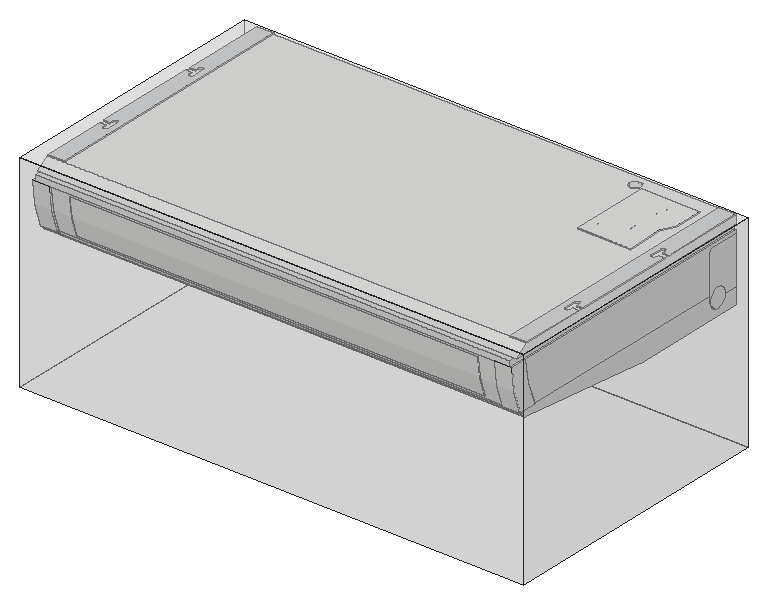
Revit family "outputfile", category 機械設備, Revit 2024
Family settings
  丸型コネクタ寸法 = 半径を使用
  パーツ タイプ = 標準
  OmniClass 番号 = 23.75.10.24.21.27.27
  OmniClass タイトル = Split System Air Conditioning Units
  作業面ベース = いいえ
  常に垂直 = はい
  ロード時にボイドで切り取り = いいえ
  注釈の向きを維持 = いいえ
  共有 = いいえ
  部屋計算ポイント = はい
Parameters (values of type "FXHQ50MAVE")
  製造元 = "Daikin"
  書き出し IFC クラス(タイプ) = "IfcUnitaryEquipmentType"
  定義済み IFC タイプ(タイプ) = "AIRCONDITIONINGUNIT"
  モデル = "FXHQ50MAVE"
  r_Liquid Pipe Size = Liquid Pipe Size / 2  # 3.2 mm
  r_Gas Pipe Size = Gas Pipe Size / 2  # 6.35 mm
  r_Drain Pipe Size = Drain Pipe Size / 2  # 13.0 mm
  lw_Air suction grille = if(Width = 960.0 mm, (960.0 mm - 40.7 mm * 2) / 2 - 2.0 mm, if(Width = 1160.0 mm, (1160.0 mm - 40.7 mm * 2) / 2 - 2.0 mm, if(Width = 1400.0 mm, (1400.0 mm - 40.7 mm * 2) / 3, (960.0 mm - 40.7 mm * 2) / 2 - 2.0 mm)))  # 537.3 mm
  l_powersupply [instance] = if(Rear Right Connection_powersupply, 30.0 mm, 145.0 mm)  # 30.0 mm
  h_mountinghole = 2.0 mm  # constant formula
  angle_vertical_powersupply [instance] = if(Rear Right Connection_powersupply, 90.00°, 180.00°)  # 90.00°
  angle_vertical_drainpipe [instance] = if(or(Left Connection_drainpipe, Right Connection_drainpipe), 90.00°, if(Top Connection_drainpipe, 180.00°, -90.00°))  # -90.00°
  angle_horizontal_powersupply [instance] = if(Rear Right Connection_powersupply, 180.00°, 0.00°)  # 180.00°
  angle_horizontal_drainpipe [instance] = if(Right Connection_drainpipe, 90.00°, if(Left Connection_drainpipe, -90.00°, 0.00°))  # 0.00°
  Voltage_comment_60Hz = "220"
  Voltage_comment_50Hz = "220-240"
  Voltage_60Hz = 220 V
  Voltage_50Hz = 220 V
  Top Connection_refrigerant [instance] = no
  Top Connection_powersupply [instance] = not(Rear Right Connection_powersupply)  # no
  Sound Power Level_H speed (dB) = 0
  Right Connection_refrigerant [instance] = no
  Rear Right Connection_refrigerant [instance] = yes
  Phase_60Hz = 1
  Phase_50Hz = 1
  Minimum Circuit Amps_60Hz = 0.9 A
  Minimum Circuit Amps_50Hz = 0.8 A
  Maximum Fuse Amps_60Hz = 16.0 A
  Maximum Fuse Amps_50Hz = 16.0 A
  Material_Casing = DAIKIN_White_Casing_indoorunit
  lw_powersupply [instance] = 220.0 mm  # constant formula
  lw_mountinghole = 20.0 mm  # constant formula
  lw_liquidpipe [instance] = if(not(Top Connection_refrigerant), 120.0 mm, 170.0 mm)  # 120.0 mm
  lw_gaspipe = 105.0 mm  # constant formula
  lw_drainpipe [instance] = if(Top Connection_drainpipe, 90.0 mm, if(or(Rear Left Connection_drainpipe, Left Connection_drainpipe), Width - 80.0 mm, 100.0 mm))  # 100.0 mm
  lh_powersupply = 145.0 mm  # constant formula
  lh_liquidpipe [instance] = if(Rear Right Connection_refrigerant, 110.0 mm, 90.0 mm)  # 110.0 mm
  lh_gaspipe [instance] = if(Rear Right Connection_refrigerant, 100.0 mm, 90.0 mm)  # 100.0 mm
  lh_drainpipe = 155.0 mm  # constant formula
  l_antena = 1.0 mm  # constant formula
  ld_powersupply = 30.0 mm  # constant formula
  ld_mountinghole_pitch = 260.0 mm  # constant formula
  ld_mountinghole = 210.0 mm  # constant formula
  ld_liquidpipe [instance] = if(Right Connection_refrigerant, 55.0 mm, if(Top Connection_refrigerant, 185.0 mm, 225.0 mm))  # 225.0 mm
  ld_gaspipe [instance] = if(Right Connection_refrigerant, 65.0 mm, if(Top Connection_refrigerant, 160.0 mm, 225.0 mm))  # 225.0 mm
  ld_drainpipe [instance] = if(or(Left Connection_drainpipe, Right Connection_drainpipe), 55.0 mm, if(Top Connection_drainpipe, 85.0 mm, 275.0 mm))  # 275.0 mm
  l_liquidpipe_length [instance] = if(Right Connection_refrigerant, 120.0 mm, if(Top Connection_refrigerant, 90.0 mm, 225.0 mm))  # 225.0 mm
  l_gaspipe_length [instance] = if(Right Connection_refrigerant, 105.0 mm, if(Top Connection_refrigerant, 90.0 mm, 225.0 mm))  # 225.0 mm
  l_drainpipe_length [instance] = if(Right Connection_drainpipe, 100.0 mm, if(Top Connection_drainpipe, 155.0 mm, if(Left Connection_drainpipe, 80.0 mm, 275.0 mm)))  # 275.0 mm
  h*** = 0.0 mm  # constant formula
  angle_vertical [instance] = if(Right Connection_refrigerant, 90.00°, if(Top Connection_refrigerant, 180.00°, -90.00°))  # -90.00°
  angle_horizontal [instance] = if(Right Connection_refrigerant, 90.00°, 0.00°)  # 0.00°
  Width = 1160.0 mm
  Version = "ver.1.0"
  Unit Type = "Ceiling Suspended"
  Unit Mass Weight = 28.00 kg
  Unit Designation [instance] = ""
  Uniclass2015Version = "Products v1.30"
  Uniclass2015Title = "Variable refrigerant flow units"
  Uniclass2015Code = "Pr_70_65_03_94"
  Total Heating Capacity [instance] = 0.000 kW
  Total Cooling Capacity [instance] = 0.000 kW
  Top Connection_drainpipe [instance] = no
  Sound Pressure Level_L speed (dBA) = 32
  Sound Pressure Level_H speed (dBA) = 37
  Series = "VRV Fan Coil Unit"
  Sensible Cooling Capacity [instance] = 0.000 kW
  Rear Right Connection_drainpipe [instance] = yes
  Rear Right Connection_powersupply [instance] = yes
  Right Connection_drainpipe [instance] = no
  Refrigerant Type = "R410A"
  Power Input (Heating) = 0.100 kW
  Power Input (Cooling) = 0.100 kW
  Option Accessory 3 [instance] = ""
  Option Accessory 2 [instance] = ""
  Option Accessory 1 [instance] = ""
  Nominal Heating Capacity = 6.300 kW
  Nominal Cooling Capacity = 5.600 kW
  Minimum Airflow = 720.00 m³/h
  Maximum Airflow = 900.00 m³/h
  Load Classification = HVAC
  Liquid Pipe Size = 6.4 mm
  Link_Nested Family [instance] = ""
  Rear Left Connection_drainpipe [instance] = no
  Left Connection_drainpipe [instance] = no
  IfcVersion = ""
  IfcExportType = "AIRCONDITIONINGUNIT"
  IfcExportAs = "IfcUnitaryEquipmentType"
  Height = 195.0 mm
  Heating Entering Wet Bulb Temperature [instance] = 0.00 °C
  Heating Entering Dry Bulb Temperature [instance] = 0.00 °C
  Heating Ambient Wet Bulb Temperature [instance] = 0.00 °C
  Heating Ambient Dry Bulb Temperature [instance] = 0.00 °C
  Heat Exchanger Type = "Cross Fin Coil"
  Gas Pipe Size = 12.7 mm
  Frequency_60Hz = 60 Hz
  Frequency_50Hz = 50 Hz
  Fan Type = "Sirocco Fan"
  Fan Drive = "Direct Drive"
  FCU Tag No. [instance] = ""
  Drain Pipe Size = 26.0 mm
  Design Supply Airflow [instance] = 0.00 m³/h
  Design Outdoor Airflow [instance] = 0.00 m³/h
  Depth = 680.0 mm
  既定の高さ = 0.0 mm
  Cooling Entering Wet Bulb Temperature [instance] = 0.00 °C
  Cooling Entering Dry Bulb Temperature [instance] = 0.00 °C
  Cooling Ambient Wet Bulb Temperature [instance] = 0.00 °C
  Cooling Ambient Dry Bulb Temperature [instance] = 0.00 °C
  Clearance visibility [instance] = yes
  Clearance Top = 5.0 mm
  Clearance Right = 30.0 mm
  Clearance Rear = 0.0 mm
  Clearance Left = 30.0 mm
  Clearance Front = 0.0 mm
  Clearance Bottom = 300.0 mm
Reference planes
  plane 1 "Back": y = 0
  plane 2: z = 0
  plane 3 "Center (Left/Right)": x = 0
  plane 4 "Center (Front/Back)": y = -340
  plane 5 "Front": y = -680
  plane 6 "Left": x = -580
  plane 7 "Right": x = 580
  plane 8 "Top": z = 0
  plane 9 "Bottom": z = -195
  plane 10: y = -680
  plane 11: x = -610
  plane 12: x = 610
  plane 13: z = 5
  plane 14: z = -495
  plane 15: y = 0
  plane 16 "lw_mountinghole": x = -560
  plane 17 "lw_mountinghole2": x = 560
  plane 18 "ld_mountinghole": y = -210
  plane 19 "ld_mountinghole2": y = -470
  plane 20 "lw_gaspipe": x = 475
  plane 21 "ld_gaspipe": y = -225
  plane 22 "lw_liquidpipe": x = 460
  plane 23 "ld_liquidpipe": y = -225
  plane 24 "ld_drainpipe": y = -275
  plane 25 "lw_drainpipe": x = 480
  plane 26 "lw_powersupply": x = 360
  plane 27 "ld_powersupply": y = -30
  plane 28: x = -2
  plane 29: x = 2
  plane 30 "40.7": x = 539.3
  plane 31: x = -539.3
  plane 32 "lh_gaspipe": z = -100
  plane 33 "lh_liquidpipe": z = -110
  plane 34 "lh_drainpipe": z = -155
  plane 35 "lh_powersupply": z = -145
Forms (mm)
  Extrusion 1, solid, material "DAIKIN_White_Casing_indoorunit" <- "Material_Casing"
    sketch origin (0, 0, 0) x (0, 1, 0) y (0, 0, 1)
      loop
        line (0, 0) -> (-633.9, 0) -> (-664.9, -20) -> (0, -20) -> (0, 0)
    from -580 to 580
  Extrusion 2, solid, material "DAIKIN_White_Casing_indoorunit" <- "Material_Casing"
    sketch origin (0, 0, 0) x (0, 1, 0) y (0, 0, 1)
      loop
        line (0, -20) -> (-678.4, -20) -> (-678.4, -33) -> (0, -33) -> (0, -20)
    from -574 to 574
  Extrusion 3, solid, material "DAIKIN_White_Casing_indoorunit" <- "Material_Casing"
    sketch origin (0, 0, 0) x (0, 1, 0) y (0, 0, 1)
      loop
        line (0, -33) -> (-638.389, -33)
        arc (-638.389, -33) -> (-629.305, -88.783) -> (-610.271, -142) r 310.829
        line (-610.271, -142) -> (0, -142) -> (0, -33)
    from -580 to 580
  Extrusion 4, solid, material "DAIKIN_White_Casing_indoorunit" <- "Material_Casing"
    sketch origin (-580, 0, 0) x (0, 1, 0) y (0, 0, 1)
      loop
        line (0, -142) -> (-651.893, -142) -> (-647.876, -149.065)
        arc (-647.876, -149.065) -> (-641.446, -155.91) -> (-632.601, -159.063) r 19.989
        line (-632.601, -159.063) -> (-300.211, -194.208)
        arc (-300.211, -194.208) -> (-292.706, -194.802) -> (-285.179, -195) r 142.962
        line (-285.179, -195) -> (0, -195) -> (0, -142)
    from 0 to 40.7
  Extrusion 5, solid, material "DAIKIN_White_Casing_indoorunit" <- "Material_Casing"
    sketch origin (580, 0, 0) x (0, 1, 0) y (0, 0, 1)
      loop
        line (-638.389, -33) -> (-680.077, -33)
        arc (-680.077, -33) -> (-672.921, -88.644) -> (-655.583, -142) r 301.599
        line (-655.583, -142) -> (-610.271, -142)
        arc (-610.271, -142) -> (-629.305, -88.783) -> (-638.389, -33) r 310.829
    from 0 to -40.7
  Extrusion 6, solid, material "DAIKIN_White_Casing_indoorunit" <- "Material_Casing"
    sketch origin (-580, 0, 0) x (0, 1, 0) y (0, 0, 1)
      loop
        line (-655.583, -142) -> (-610.271, -142)
        arc (-610.271, -142) -> (-629.305, -88.783) -> (-638.389, -33) r 310.829
        line (-638.389, -33) -> (-680.077, -33)
        arc (-680.077, -33) -> (-672.921, -88.644) -> (-655.583, -142) r 301.599
    from 0 to 40.7
  Extrusion 7, solid, material "DAIKIN_White_Grille_indoorunit"
    sketch origin (0, 0, 0) x (0, 1, 0) y (0, 0, 1)
      loop
        line (0, -190) -> (-273.138, -190) -> (-273.138, -195) -> (0, -195) -> (0, -190)
    from -2 to 2
  Extrusion 8, solid, material "DAIKIN_White_Grille_indoorunit"
    sketch origin (0, 0, 0) x (0, 1, 0) y (0, 0, 1)
      loop
        line (0, -190) -> (-273.138, -190) -> (-273.138, -195) -> (0, -195) -> (0, -190)
    from -539.3 to -2
  Extrusion 9, solid, material "DAIKIN_White_Grille_indoorunit"
    sketch origin (0, 0, 0) x (0, 1, 0) y (0, 0, 1)
      loop
        line (0, -190) -> (-273.138, -190) -> (-273.138, -195) -> (0, -195) -> (0, -190)
    from 2 to 539.3
  Extrusion 10, solid
    sketch origin (0, 0, 0) x (-1, 0, 0) y (0, -1, 0)
      loop
        line (554, 196) -> (554, 224)
        arc (554, 224) -> (560, 230) -> (566, 224) r 6
        line (566, 224) -> (566, 216) -> (580, 216) -> (580, 464) -> (566, 464) -> (566, 456)
        arc (566, 456) -> (560, 450) -> (554, 456) r 6
        line (554, 456) -> (554, 484.69)
        arc (554, 484.69) -> (560, 490.04) -> (566, 484.69) r 6.04
        line (566, 484.69) -> (566, 476) -> (580, 476) -> (580, 633.9) -> (539.3, 633.9) -> (539.3, 0) -> (580, 0) -> (580, 204) -> (566, 204) -> (566, 196)
        arc (566, 196) -> (560, 190) -> (554, 196) r 6
      loop
        arc (-554, 196) -> (-560, 190) -> (-566, 196) r 6
        line (-566, 196) -> (-566, 204) -> (-580, 204) -> (-580, 0) -> (-539.3, 0) -> (-539.3, 633.9) -> (-580, 633.9) -> (-580, 476) -> (-566, 476) -> (-566, 484.69)
        arc (-566, 484.69) -> (-560, 490.04) -> (-554, 484.69) r 6.04
        line (-554, 484.69) -> (-554, 456)
        arc (-554, 456) -> (-560, 450) -> (-566, 456) r 6
        line (-566, 456) -> (-566, 464) -> (-580, 464) -> (-580, 216) -> (-566, 216) -> (-566, 224)
        arc (-566, 224) -> (-560, 230) -> (-554, 224) r 6
        line (-554, 224) -> (-554, 196)
    from 0 to 2
  Extrusion 11, solid, material "DAIKIN_White_Casing_indoorunit" <- "Material_Casing"
    sketch origin (0, 0, 0) x (0, 1, 0) y (0, 0, 1)
      loop
        line (-651.659, -142) -> (-610.271, -142)
        arc (-610.271, -142) -> (-629.305, -88.783) -> (-638.389, -33) r 310.829
        line (-638.389, -33) -> (-676.476, -33)
        arc (-676.476, -33) -> (-669.224, -88.674) -> (-651.659, -142) r 298
    from -539.3 to 539.3
  Extrusion 12, void
    sketch origin (0, 0, 0) x (0, 1, 0) y (0, 0, 1)
      loop
        arc (-676.086, -41) -> (-669.058, -89.401) -> (-654.207, -136) r 298
        line (-654.207, -136) -> (-645.465, -136)
        arc (-645.465, -136) -> (-660.075, -89.305) -> (-667.848, -41) r 340.829
        line (-667.848, -41) -> (-676.086, -41)
    from -494.3 to 494.3
  Extrusion 13, solid, material "DAIKIN_White_Casing_indoorunit" <- "Material_Casing"
    sketch origin (0, 0, 0) x (0, 1, 0) y (0, 0, 1)
      loop
        line (-667.848, -41) -> (-676.086, -41)
        arc (-676.086, -41) -> (-669.058, -89.401) -> (-654.207, -136) r 298
        line (-654.207, -136) -> (-645.465, -136)
        arc (-645.465, -136) -> (-660.075, -89.305) -> (-667.848, -41) r 340.829
    from -494.3 to 494.3
  Extrusion 14, solid, material "DAIKIN_White_Casing_indoorunit" <- "Material_Casing"
    sketch origin (0, 0, 0) x (1, 0, 0) y (0, 0, 1)
      loop
        line (375, -60) -> (375, -125) -> (455, -175) -> (520, -175) -> (520, -60) -> (375, -60)
    from 0 to 1
  Extrusion 15, void
    sketch origin (0, 0, 0) x (1, 0, 0) y (0, 0, 1)
      loop
        circle (475, -130) r 40
    from 0 to 10
  Extrusion 16, void
    sketch origin (0, 0, 0) x (1, 0, 0) y (0, 0, 1)
      loop
        arc (-510, -135) -> (-530, -155) -> (-510, -175) r 20
        line (-510, -175) -> (-490, -175)
        arc (-490, -175) -> (-470, -155) -> (-490, -135) r 20
        line (-490, -135) -> (-510, -135)
    from 0 to 10
  Extrusion 17, solid, material "DAIKIN_White_Casing_indoorunit" <- "Material_Casing"
    sketch origin (0, 0, 0) x (-1, 0, 0) y (0, -1, 0)
      loop
        line (-380, 36) -> (-380, 228) -> (-507, 228) -> (-507, 138) -> (-522, 106) -> (-522, 36) -> (-380, 36)
    from 0 to 1.9
  Extrusion 18, solid, material "DAIKIN_White_Casing_indoorunit" <- "Material_Casing"
    sketch origin (580, 0, 0) x (0, 1, 0) y (0, 0, 1)
      loop
        arc (-75, -40) -> (-78.536, -41.464) -> (-80, -45) r 5
        line (-80, -45) -> (-80, -155) -> (0, -155) -> (0, -40) -> (-75, -40)
    from 0 to -2
  Extrusion 19, solid, material "DAIKIN_White_Casing_indoorunit" <- "Material_Casing"
    sketch origin (580, 0, 0) x (0, 1, 0) y (0, 0, 1)
      loop
        circle (-55, -155) r 22.5
    from 0 to -2
  Extrusion 20, void
    sketch origin (0, 0, 0) x (1, 0, 0) y (0, 0, 1)
      loop
        line (520, -60) -> (375, -60) -> (375, -125) -> (455, -175) -> (520, -175) -> (520, -60)
    from 0 to 1
  Extrusion 21, solid, material "DAIKIN_White_Casing_indoorunit" <- "Material_Casing"
    sketch origin (-580, 0, 0) x (0, 1, 0) y (0, 0, 1)
      loop
        circle (-55, -155) r 22.5
    from 0 to 2
  Extrusion 22, void
    sketch origin (0, 0, 0) x (-1, 0, 0) y (0, -1, 0)
      loop
        circle (-490, 85) r 30
      loop
        circle (-475, 160) r 18
      loop
        circle (-410, 185) r 13
    from 0 to -10
  Extrusion 23, solid, material "DAIKIN_White_Casing_indoorunit" <- "Material_Casing"
    sketch origin (0, 0, 0) x (0, 1, 0) y (0, 0, 1)
      loop
        line (-632.601, -159.063) -> (-300.211, -194.208)
        arc (-300.211, -194.208) -> (-292.706, -194.802) -> (-285.179, -195) r 142.962
        line (-285.179, -195) -> (-273.138, -195) -> (-273.138, -190) -> (0, -190) -> (0, -142) -> (-651.893, -142) -> (-647.876, -149.065)
        arc (-647.876, -149.065) -> (-641.446, -155.91) -> (-632.601, -159.063) r 19.989
    from -539.3 to 539.3
  Extrusion 24, solid, material "DAIKIN_White_Casing_indoorunit" <- "Material_Casing"
    sketch origin (580, 0, 0) x (0, 1, 0) y (0, 0, 1)
      loop
        line (-632.601, -159.063) -> (-300.211, -194.208)
        arc (-300.211, -194.208) -> (-292.706, -194.802) -> (-285.179, -195) r 142.962
        line (-285.179, -195) -> (0, -195) -> (0, -142) -> (-651.893, -142) -> (-647.876, -149.065)
        arc (-647.876, -149.065) -> (-641.446, -155.91) -> (-632.601, -159.063) r 19.989
    from 0 to -40.7
  Extrusion 25, void
    sketch origin (0, 0, 0) x (-1, 0, 0) y (0, -1, 0)
      loop
        circle (-360, 30) r 14.5
    from 0 to -10
  Extrusion 26, void
    sketch origin (0, 0, 0) x (1, 0, 0) y (0, 0, 1)
      loop
        circle (360, -145) r 14.5
    from 0 to 10
Cuts and joins
  Extrusion 12 cuts Extrusion 11
  Extrusion 15, Extrusion 16, Extrusion 20, Extrusion 26 cuts Extrusion 3
  Extrusion 22, Extrusion 25 cuts Extrusion 1
  Extrusion 15, Extrusion 16, Extrusion 20, Extrusion 26 cuts Extrusion 23
Dimensions and locks
  equal spacing: plane 6 "Left", plane 3 "Center (Left/Right)", plane 7 "Right"
  "Width": plane 6 "Left" to plane 7 "Right"
  "Depth": plane 5 "Front" to plane 1 "Back"
  "Height": plane 8 "Top" to plane 9 "Bottom"
  "Clearance Front": plane 10 to plane 5 "Front"
  "Clearance Left": plane 11 to plane 6 "Left"
  "Clearance Right": plane 7 "Right" to plane 12
  "Clearance Top": plane 13 to plane 8 "Top"
  "Clearance Bottom": plane 9 "Bottom" to plane 14
  "Clearance Rear": plane 1 "Back" to plane 15
  "ld_mountinghole": plane 18 "ld_mountinghole" to plane 1 "Back"
  "ld_mountinghole_pitch": plane 18 "ld_mountinghole" to plane 19 "ld_mountinghole2"
  "lw_mountinghole": plane 6 "Left" to plane 16 "lw_mountinghole"
  "lw_gaspipe": plane 20 "lw_gaspipe" to plane 7 "Right"
  "ld_gaspipe": plane 1 "Back" to plane 21 "ld_gaspipe"
  "lw_liquidpipe": plane 22 "lw_liquidpipe" to plane 7 "Right"
  "ld_liquidpipe": plane 1 "Back" to plane 23 "ld_liquidpipe"
  "lw_drainpipe": plane 25 "lw_drainpipe" to plane 7 "Right"
  "ld_drainpipe": plane 24 "ld_drainpipe" to plane 1 "Back"
  "lw_powersupply": plane 26 "lw_powersupply" to plane 7 "Right"
  "ld_powersupply": plane 1 "Back" to plane 27 "ld_powersupply"
  "lw_mountinghole": plane 17 "lw_mountinghole2" to plane 7 "Right"
  equal spacing: plane 5 "Front", plane 4 "Center (Front/Back)", plane 1 "Back"
  locked: Extrusion 1 sketch curve to Extrusion 1 sketch curve at 20
  locked: Extrusion 1 sketch curve to Extrusion 1 sketch curve at 633.9
  locked: Extrusion 1 sketch curve to Extrusion 1 sketch curve at 664.9
  locked: Extrusion 2 sketch curve to Extrusion 2 sketch curve at 13
  locked: Extrusion 2 sketch curve to Extrusion 2 sketch curve at 678.4
  locked: plane 6 "Left" to Extrusion 2 at 6
  locked: plane 7 "Right" to Extrusion 2 at 6
  locked: Extrusion 3 sketch curve to Extrusion 3 sketch curve at 610.271
  locked: Extrusion 3 sketch curve to Extrusion 3 sketch curve at 638.389
  locked: Extrusion 3 sketch curve to Extrusion 3 sketch curve at 328.329
  locked: plane 8 "Top" to Extrusion 3 sketch curve at 11.143
  locked: plane 30 "40.7" to plane 7 "Right" at 40.7
  locked: plane 6 "Left" to plane 31 at 40.7
  "lw_Air suction grille": plane 31 to plane 28
  "lw_Air suction grille": plane 29 to plane 30 "40.7"
  locked: Extrusion 10 sketch curve to Extrusion 10 sketch curve at 12  (x4)
  equal spacing: Extrusion 10 sketch curve, plane 18 "ld_mountinghole", Extrusion 10 sketch curve  (x2)
  equal spacing: Extrusion 10 sketch curve, plane 19 "ld_mountinghole2", Extrusion 10 sketch curve  (x2)
  Extrusion 10 sketch curve to plane 19 "ld_mountinghole2" to Extrusion 10 sketch curve = 14.0 mm locked, 14.0 mm locked  (x2)
  Extrusion 10 sketch curve to plane 18 "ld_mountinghole" to Extrusion 10 sketch curve = 14.0 mm locked, 14.0 mm locked  (x2)
  locked: Extrusion 10 sketch curve to Extrusion 10 sketch curve at 633.9  (x2)
  locked: plane 31 to Extrusion 12 at 45
  locked: Extrusion 12 to plane 30 "40.7" at 45
  locked: Extrusion 14 sketch curve to Extrusion 14 sketch curve at 115
  locked: Extrusion 14 sketch curve to Extrusion 14 sketch curve at 145
  locked: Extrusion 14 sketch curve to Extrusion 14 sketch curve at 65  (x2)
  locked: plane 8 "Top" to Extrusion 14 sketch curve at 60
  locked: Extrusion 14 sketch curve to plane 7 "Right" at 60
  locked: plane 7 "Right" to Extrusion 15 sketch curve at 105
  locked: plane 8 "Top" to Extrusion 15 sketch curve at 130
  locked: Extrusion 16 sketch curve to plane 6 "Left" at 70
  plane 8 "Top" to Extrusion 16 sketch curve to Extrusion 16 sketch curve = 135.0 mm locked, 40.0 mm locked
  locked: Extrusion 16 sketch curve to Extrusion 16 sketch curve at 20
  Extrusion 17 sketch curve to Extrusion 17 sketch curve to plane 7 "Right" = 142.0 mm locked, 58.0 mm locked
  Extrusion 17 sketch curve to Extrusion 17 sketch curve to plane 1 "Back" = 192.0 mm locked, 36.0 mm locked
  locked: Extrusion 17 sketch curve to Extrusion 17 sketch curve at 127
  locked: Extrusion 17 sketch curve to Extrusion 17 sketch curve at 90
  plane 8 "Top" to Extrusion 18 sketch curve to Extrusion 18 sketch curve = 40.0 mm locked, 115.0 mm locked
  locked: Extrusion 18 sketch curve to Extrusion 18 sketch curve at 80
  locked: Extrusion 19 sketch curve to plane 1 "Back" at 55
  locked: plane 8 "Top" to Extrusion 19 sketch curve at 155
  locked: Extrusion 21 sketch curve to plane 1 "Back" at 55
  locked: plane 8 "Top" to Extrusion 21 sketch curve at 155
  locked: Extrusion 22 sketch curve to plane 7 "Right" at 90
  locked: Extrusion 22 sketch curve to plane 1 "Back" at 85
  locked: Extrusion 22 sketch curve to plane 7 "Right" at 105
  locked: Extrusion 22 sketch curve to plane 1 "Back" at 160
  locked: Extrusion 22 sketch curve to plane 7 "Right" at 170
  locked: Extrusion 22 sketch curve to plane 1 "Back" at 185
  locked: Extrusion 5 sketch curve to Extrusion 5 sketch curve at 109
  "lh_powersupply": plane 8 "Top" to plane 35 "lh_powersupply"
  "lh_liquidpipe": plane 8 "Top" to plane 33 "lh_liquidpipe"
  "lh_gaspipe": plane 8 "Top" to plane 32 "lh_gaspipe"
  "lh_drainpipe": plane 8 "Top" to plane 34 "lh_drainpipe"
  locked: Extrusion 4 sketch curve to plane 1 "Back" at 285.179
  locked: Extrusion 4 sketch curve to Extrusion 4 sketch curve at 53
  locked: Extrusion 9 sketch curve to plane 1 "Back" at 273.138
  locked: Extrusion 8 sketch curve to plane 1 "Back" at 273.138
  locked: Extrusion 7 sketch curve to plane 1 "Back" at 273.138
  locked: Extrusion 25 sketch curve to plane 1 "Back" at 30
  locked: Extrusion 25 sketch curve to plane 7 "Right" at 220
  locked: plane 7 "Right" to Extrusion 26 sketch curve at 220
  locked: plane 8 "Top" to Extrusion 26 sketch curve at 145
  locked: nested 10 to plane 7 "Right" at 120
  aligned and locked: level to plane 2
  aligned and locked: nested 2 to plane 18 "ld_mountinghole"
  aligned and locked: plane 16 "lw_mountinghole" to nested 2
  aligned and locked: nested 1 to plane 19 "ld_mountinghole2"
  aligned and locked: plane 16 "lw_mountinghole" to nested 1
  aligned and locked: nested 4 to plane 18 "ld_mountinghole"
  aligned and locked: plane 17 "lw_mountinghole2" to nested 4
  aligned and locked: plane 17 "lw_mountinghole2" to nested 3
  aligned and locked: nested 3 to plane 19 "ld_mountinghole2"
  aligned and locked: plane 1 "Back" to Extrusion 1 sketch curve
  aligned and locked: plane 8 "Top" to Extrusion 1 sketch curve
  aligned and locked: Extrusion 1 to plane 6 "Left"
  aligned and locked: plane 7 "Right" to Extrusion 1
  aligned and locked: Extrusion 2 sketch curve to Extrusion 1  (x2)
  aligned and locked: plane 1 "Back" to Extrusion 3 sketch curve
  aligned and locked: Extrusion 3 to plane 6 "Left"
  aligned and locked: plane 7 "Right" to Extrusion 3
  aligned and locked: plane 1 "Back" to Extrusion 4 sketch curve
  aligned and locked: Extrusion 4 to plane 6 "Left"
  aligned and locked: Extrusion 5 sketch curve to Extrusion 3
  aligned and locked: Extrusion 5 to Extrusion 6 sketch curve
  aligned and locked: Extrusion 6 sketch curve to Extrusion 5  (x2)
  aligned and locked: Extrusion 7 to plane 28
  aligned and locked: plane 29 to Extrusion 7
  aligned and locked: plane 28 to Extrusion 8
  aligned and locked: Extrusion 8 to plane 31
  aligned and locked: Extrusion 9 sketch curve to Extrusion 7  (x3)
  aligned and locked: Extrusion 9 to plane 29
  aligned and locked: plane 30 "40.7" to Extrusion 9
  aligned and locked: plane 16 "lw_mountinghole" to Extrusion 10 sketch curve  (x4)
  aligned and locked: Extrusion 10 sketch curve to plane 31
  aligned and locked: plane 6 "Left" to Extrusion 10 sketch curve  (x3)
  aligned and locked: plane 1 "Back" to Extrusion 10 sketch curve
  aligned and locked: Extrusion 5 to Extrusion 11 sketch curve
  aligned and locked: Extrusion 11 sketch curve to Extrusion 5
  aligned and locked: plane 30 "40.7" to Extrusion 11
  aligned and locked: Extrusion 11 to plane 31
  aligned and locked: Extrusion 12 sketch curve to Extrusion 11
  aligned and locked: Extrusion 13 sketch curve to cut or joined group of Extrusion 11, Extrusion 12  (x4)
  aligned and locked: Extrusion 13 to cut or joined group of Extrusion 11, Extrusion 12  (x2)
  aligned and locked: plane 15 to nested 5
  aligned and locked: nested 5 to plane 11
  aligned and locked: nested 5 to plane 10
  aligned and locked: nested 5 to plane 12
  aligned and locked: plane 13 to nested 5
  aligned and locked: plane 14 to nested 5
  aligned and locked: plane 1 "Back" to Extrusion 18 sketch curve
  aligned and locked: Extrusion 20 sketch curve to Extrusion 14  (x5)
  aligned and locked: Extrusion 5 sketch curve to Extrusion 2
  aligned and locked: plane 20 "lw_gaspipe" to nested 6
  aligned and locked: nested 6 to plane 21 "ld_gaspipe"
  aligned and locked: plane 22 "lw_liquidpipe" to nested 7
  aligned and locked: nested 7 to plane 23 "ld_liquidpipe"
  aligned and locked: plane 25 "lw_drainpipe" to nested 8
  aligned and locked: nested 8 to plane 24 "ld_drainpipe"
  aligned and locked: Extrusion 4 sketch curve to plane 9 "Bottom"
  aligned and locked: Extrusion 23 sketch curve to Extrusion 4  (x3)
  aligned and locked: Extrusion 4 to Extrusion 23 sketch curve
  aligned and locked: Extrusion 23 sketch curve to Extrusion 9  (x2)
  aligned and locked: Extrusion 23 to plane 31
  aligned and locked: plane 30 "40.7" to Extrusion 23
  aligned and locked: Extrusion 24 sketch curve to Extrusion 4  (x4)
  aligned and locked: Extrusion 24 to plane 30 "40.7"
  aligned and locked: plane 26 "lw_powersupply" to nested 9
  aligned and locked: nested 9 to plane 27 "ld_powersupply"
  aligned and locked: nested 10 to Extrusion 24
  aligned and locked: level to plane 8 "Top"
Automatic sketch dimensions
  Extrusion 3 sketch curve to plane 8 "Top" = 33.0 mm
  Extrusion 7 sketch curve to plane 9 "Bottom" = 0.0 mm
  Extrusion 7 sketch curve to plane 1 "Back" = 0.0 mm
  plane 9 "Bottom" to Extrusion 7 sketch curve = 5.0 mm
  Extrusion 8 sketch curve to plane 9 "Bottom" = 0.0 mm
  Extrusion 8 sketch curve to plane 1 "Back" = 0.0 mm
  plane 9 "Bottom" to Extrusion 8 sketch curve = 5.0 mm
  Extrusion 5 sketch curve to plane 5 "Front" = 24.417 mm
  plane 1 "Back" to Extrusion 10 sketch curve = 0.0 mm
  Extrusion 10 sketch curve to plane 7 "Right" = 0.0 mm  (x3)
  Extrusion 10 sketch curve to plane 17 "lw_mountinghole2" = 0.0 mm  (x4)
  Extrusion 10 sketch curve to plane 30 "40.7" = 0.0 mm
  plane 17 "lw_mountinghole2" to Extrusion 10 sketch curve = 6.0 mm  (x2)
  Extrusion 10 sketch curve to Extrusion 10 sketch curve = 6.0 mm  (x2)
  plane 16 "lw_mountinghole" to Extrusion 10 sketch curve = 6.0 mm  (x2)
  Extrusion 10 sketch curve to Extrusion 10 sketch curve = 0.69 mm  (x2)
  Extrusion 11 sketch curve to plane 5 "Front" = 28.341 mm
  Extrusion 11 sketch curve to plane 5 "Front" = 3.524 mm
  Extrusion 11 sketch curve to plane 8 "Top" = 22.519 mm
  Extrusion 12 sketch curve to plane 5 "Front" = 34.535 mm
  Extrusion 12 sketch curve to Extrusion 12 sketch curve = 8.742 mm
  Extrusion 12 sketch curve to plane 5 "Front" = 12.152 mm
  Extrusion 12 sketch curve to plane 5 "Front" = 3.914 mm
  Extrusion 12 sketch curve to plane 8 "Top" = 11.143 mm
  Extrusion 17 sketch curve to Extrusion 17 sketch curve = 32.0 mm
  Extrusion 18 sketch curve to Extrusion 18 sketch curve = 5.0 mm
  Extrusion 11 sketch curve to plane 8 "Top" = 33.0 mm
  plane 9 "Bottom" to Extrusion 4 sketch curve = 0.792 mm
  Extrusion 4 sketch curve to Extrusion 4 sketch curve = 15.032 mm
  Extrusion 4 sketch curve to plane 34 "lh_drainpipe" = 4.063 mm
  plane 34 "lh_drainpipe" to Extrusion 4 sketch curve = 5.935 mm
  Extrusion 4 sketch curve to Extrusion 4 sketch curve = 4.017 mm
  plane 9 "Bottom" to Extrusion 23 sketch curve = 0.792 mm
  Extrusion 23 sketch curve to Extrusion 23 sketch curve = 2.102 mm
  Extrusion 23 sketch curve to Extrusion 23 sketch curve = 4.017 mm
  plane 34 "lh_drainpipe" to Extrusion 23 sketch curve = 5.935 mm
  plane 9 "Bottom" to Extrusion 24 sketch curve = 0.792 mm
  Extrusion 24 sketch curve to Extrusion 24 sketch curve = 2.102 mm
  Extrusion 24 sketch curve to Extrusion 24 sketch curve = 4.017 mm
  plane 34 "lh_drainpipe" to Extrusion 24 sketch curve = 5.935 mm
  Extrusion 5 sketch curve to plane 8 "Top" = 22.519 mm
  plane 5 "Front" to Extrusion 5 sketch curve = 0.077 mm
  plane 5 "Front" to Extrusion 6 sketch curve = 0.077 mm
  radius of Extrusion 15 sketch curve = 40.0 mm
  radius of Extrusion 19 sketch curve = 22.5 mm
  radius of Extrusion 21 sketch curve = 22.5 mm
  radius of Extrusion 22 sketch curve = 30.0 mm
  radius of Extrusion 22 sketch curve = 18.0 mm
  radius of Extrusion 22 sketch curve = 13.0 mm
  radius of Extrusion 25 sketch curve = 14.5 mm
  radius of Extrusion 26 sketch curve = 14.5 mm
Nested families
  nested 1: "daikin_mountinghole" at (-560, -470, 0), l_antenna <- "l_antena", Link_Nested Family <- "Link_Nested Family", h_mountinghole <- "h_mountinghole", type "daikin_mountinghole"
    with show yes, l_antenna 1.0 mm, h_mountinghole 2.0 mm, Link_Nested Family ""
  nested 2: "daikin_mountinghole" at (-560, -210, 0), l_antenna <- "l_antena", Link_Nested Family <- "Link_Nested Family", h_mountinghole <- "h_mountinghole", type "daikin_mountinghole"
    with show yes, l_antenna 1.0 mm, h_mountinghole 2.0 mm, Link_Nested Family ""
  nested 3: "daikin_mountinghole" at (560, -470, 0), l_antenna <- "l_antena", Link_Nested Family <- "Link_Nested Family", h_mountinghole <- "h_mountinghole", type "daikin_mountinghole"
    with show yes, l_antenna 1.0 mm, h_mountinghole 2.0 mm, Link_Nested Family ""
  nested 4: "daikin_mountinghole" at (560, -210, 0), Link_Nested Family <- "Link_Nested Family", l_antenna <- "l_antena", h_mountinghole <- "h_mountinghole", type "daikin_mountinghole"
    with show yes, l_antenna 1.0 mm, h_mountinghole 2.0 mm, Link_Nested Family ""
  nested 5: "daikin_clearancespace" at (0, -340, -244.881), show <- "Clearance visibility", visible <- "Clearance visibility", Link_Nested Family <- "Link_Nested Family", type "daikin_clearancespace"
    with width 1220.0 mm, show yes, height 500.0 mm, depth 680.0 mm, Link_Nested Family ""
  nested 6: "daikin_connector_rotate3" at (475, -225, -100), radius <- "r_Gas Pipe Size", length <- "l_gaspipe_length", angle_vertical <- "angle_vertical", angle_horizontal <- "angle_horizontal", type "daikin_connector_rotate3"
    with show no, radius 6.35 mm, length 225.0 mm, angle_vertical -90.00°, angle_horizontal 0.00°
  nested 7: "daikin_connector_rotate3" at (460, -225, -110), radius <- "r_Liquid Pipe Size", length <- "l_liquidpipe_length", angle_vertical <- "angle_vertical", angle_horizontal <- "angle_horizontal", type "daikin_connector_rotate3"
    with show no, radius 3.2 mm, length 225.0 mm, angle_vertical -90.00°, angle_horizontal 0.00°
  nested 8: "daikin_connector_rotate3" at (480, -275, -155), radius <- "r_Drain Pipe Size", length <- "l_drainpipe_length", angle_vertical <- "angle_vertical_drainpipe", angle_horizontal <- "angle_horizontal_drainpipe", type "daikin_connector_rotate3"
    with show no, radius 13.0 mm, length 275.0 mm, angle_vertical -90.00°, angle_horizontal 0.00°
  nested 9: "daikin_connector_rotate3" at (360, -30, -145), angle_vertical <- "angle_vertical_powersupply", angle_horizontal <- "angle_horizontal_powersupply", length <- "l_powersupply", type "daikin_connector_rotate3"
    with show no, radius 10.0 mm, length 30.0 mm, angle_vertical 90.00°, angle_horizontal 180.00°
  nested 10: "daikin_logo_plane_w40" at (460, -594.246, -163.119) x (1, 0, 0) z (0, -0.1051, -0.9945), type "daikin_logo_plane_w40"
    with show_logo yes
Connectors
  piping at (480, 0, -155), diameter 26, driven by "r_Drain Pipe Size"
    settings: on nested 8, index 1, connector inside diameter 609.6 mm, connector length 0.0 mm, flow factor 0, pipe flow 0.00 m³/h, pressure drop 0.0 Pa, fitting loss kfactor 0, connector angle 0.00°, fixture units 0, engagement length 0.0 mm, angle of deflection 0.00°, flow configuration 1, flow direction 2, fitting loss method 4, system type 16, joint type 0, gender type 0, connector reference index -1, connector utility 0, adjustable connector no, is connector primary yes, connector description "Condensate Drain Piping"
  piping at (475, 0, -100), diameter 12.7, driven by "r_Gas Pipe Size"
    settings: on nested 6, index 2, connector inside diameter 609.6 mm, connector length 0.0 mm, flow factor 0, pipe flow 0.00 m³/h, pressure drop 0.0 Pa, fitting loss kfactor 0, connector angle 0.00°, fixture units 0, engagement length 0.0 mm, angle of deflection 0.00°, flow configuration 1, flow direction 2, fitting loss method 0, system type 29, joint type 0, gender type 0, connector reference index -1, connector utility 0, adjustable connector no, is connector primary no, connector description "Refrigerant Gas Piping"
  piping at (460, 0, -110), diameter 6.4, driven by "r_Liquid Pipe Size"
    settings: on nested 7, index 3, connector inside diameter 609.6 mm, connector length 0.0 mm, flow factor 0, pipe flow 0.00 m³/h, pressure drop 0.0 Pa, fitting loss kfactor 0, connector angle 0.00°, fixture units 0, engagement length 0.0 mm, angle of deflection 0.00°, flow configuration 1, flow direction 1, fitting loss method 0, system type 29, joint type 0, gender type 0, connector reference index -1, connector utility 0, adjustable connector no, is connector primary no, connector description "Refrigerant Liquid Piping"
  electrical at (360, 0, -145), driven by "Load Classification"
    settings: on nested 9, index 4, voltage 0 V, apparent load 0 VA, apparent load phase1 0 VA, apparent load phase2 0 VA, apparent load phase3 0 VA, power factor 1, load classification "HVAC", number of poles 1, system type 30, power factor state 1, is connector primary yes, connector utility no, sub classification motor no, connector description "Power Supply"
Definition of nested family "daikin_clearancespace"
  Parameters (values of type "daikin_clearancespace")
    Description = "daikin_clearancespace"
    width [instance] = 1823.963 mm
    show [instance] = yes
    material = none
    height [instance] = 1359.762 mm
    depth [instance] = 880.0 mm
    Default Elevation = 0.0 mm
    Link_Nested Family [instance] = ""
  Reference planes
    plane 1 "Center (Front/Back)": y = 0
    plane 2 "Center (Elevation)": z = -0.119
    plane 3 "Center (Left/Right)": x = 0
    plane 4: y = 440
    plane 5: y = -440
    plane 6 "Right": x = 911.982
    plane 7 "Left": x = -911.982
    plane 8 "Top": z = 679.762
    plane 9 "Bottom": z = -680
  Forms (mm)
    Extrusion 1, solid, material <- "material", visible <- "show"
      sketch origin (0, 0, 0) x (1, 0, 0) y (0, 1, 0)
        loop
          line (-911.982, 440) -> (-911.982, -440) -> (911.982, -440) -> (911.982, 440) -> (-911.982, 440)
      from -680 to 679.762
  Lines and regions (mm)
    symbolic lines, visible <- "show"
      curve 1: line (911.982, 440, 0) -> (-911.982, 440, 0)
      curve 2: line (-911.982, 440, 0) -> (-911.982, -440, 0)
      curve 3: line (-911.982, -440, 0) -> (911.982, -440, 0)
      curve 4: line (911.982, -440, 0) -> (911.982, 440, 0)
      curve 5: line (911.982, 0, 679.762) -> (-911.982, 0, 679.762)
      curve 6: line (911.982, 0, -680) -> (911.982, 0, 679.762)
      curve 7: line (-911.982, 0, -680) -> (911.982, 0, -680)
      curve 8: line (-911.982, 0, 679.762) -> (-911.982, 0, -680)
      curve 9: line (0, 440, 679.762) -> (0, -440, 679.762)
      curve 10: line (0, -440, 679.762) -> (0, -440, -680)
      curve 11: line (0, 440, -680) -> (0, 440, 679.762)
      curve 12: line (0, -440, -680) -> (0, 440, -680)
  Dimensions and locks
    "width": plane 7 "Left" to plane 6 "Right"
    "depth": plane 4 to plane 5
    "height": plane 8 "Top" to plane 9 "Bottom"
    equal spacing: plane 7 "Left", plane 3 "Center (Left/Right)", plane 6 "Right"
    equal spacing: plane 4, plane 1 "Center (Front/Back)", plane 5
    equal spacing: plane 8 "Top", plane 2 "Center (Elevation)", plane 9 "Bottom"
    aligned and locked: level to plane 2 "Center (Elevation)"
    aligned and locked: Extrusion 1 sketch curve to plane 4
    aligned and locked: plane 7 "Left" to Extrusion 1 sketch curve
    aligned and locked: Extrusion 1 sketch curve to plane 5
    aligned and locked: Extrusion 1 sketch curve to plane 6 "Right"
    aligned and locked: plane 8 "Top" to Extrusion 1
    aligned and locked: curve 1 to Extrusion 1
    aligned and locked: curve 2 to Extrusion 1
    aligned and locked: curve 3 to Extrusion 1
    aligned and locked: curve 4 to Extrusion 1
    aligned and locked: curve 5 to Extrusion 1
    aligned and locked: curve 6 to Extrusion 1
    aligned and locked: curve 7 to Extrusion 1
    aligned and locked: curve 8 to Extrusion 1
    aligned and locked: curve 9 to Extrusion 1
    aligned and locked: curve 10 to Extrusion 1
    aligned and locked: curve 11 to Extrusion 1
    aligned and locked: curve 12 to Extrusion 1
    aligned and locked: Extrusion 1 to plane 9 "Bottom"
Definition of nested family "daikin_logo_plane_w40"
  Parameters (values of type "daikin_logo_plane_w40")
    width = 40.0 mm
    show_logo [instance] = yes
    material = none
    height = 0.0 mm
    depth = 0.0 mm
    Default Elevation = 1219.2 mm
  Reference planes
    plane 1 "Center (Front/Back)": y = 0
    plane 2: z = 0
    plane 3 "Center (Left/Right)": x = 0
    plane 4: z = 2
    plane 5 "left": x = -19
    plane 6: x = 19
  Forms (mm)
    Extrusion 1, solid, visible <- "show_logo"
      sketch origin (-19, 0, 0) x (1, 0, 0) y (0, 1, 0)
        loop
          line (8.902, -1.878) -> (7.789, -6.332) -> (11.13, -6.332)
          arc (11.13, -6.332) -> (12.454, -6.064) -> (13.472, -5.176) r 2.642
          arc (13.472, -5.176) -> (13.92, -4.02) -> (13.767, -2.79) r 2.537
          arc (13.767, -2.79) -> (13.452, -2.342) -> (12.982, -2.06) r 1.321
          arc (12.982, -2.06) -> (12.063, -1.902) -> (11.13, -1.878) r 6.479
          line (11.13, -1.878) -> (8.902, -1.878)
        loop
          line (10.016, -5.441) -> (10.907, -5.441)
          arc (10.907, -5.441) -> (11.591, -4.983) -> (11.988, -4.261) r 1.742
          spline (11.988, -4.261) -> (12.01, -4.155) -> (12.027, -4.03) -> (12.037, -3.893) -> (12.037, -3.747) -> (12.026, -3.598) -> (12.002, -3.451) -> (11.962, -3.31) -> (11.905, -3.181) -> (11.829, -3.069) -> (11.731, -2.978) -> (11.61, -2.913) -> (11.464, -2.88)
          line (11.464, -2.88) -> (10.573, -2.88) -> (10.016, -5.441)
        loop
          line (13.58, -6.332) -> (14.805, -6.332) -> (15.223, -5.553) -> (16.977, -5.553) -> (17.144, -6.332) -> (19.149, -6.332) -> (18.258, -1.878) -> (16.03, -1.878) -> (13.58, -6.332)
        loop
          line (16.476, -3.214) -> (15.76, -4.551) -> (16.762, -4.551) -> (16.476, -3.214)
        loop
          line (19.705, -6.332) -> (21.599, -6.332) -> (22.712, -1.878) -> (20.819, -1.878) -> (19.705, -6.332)
        loop
          line (22.712, -6.332) -> (24.606, -6.332) -> (24.908, -5.122) -> (25.831, -6.332) -> (28.17, -6.332) -> (26.388, -3.994) -> (28.949, -1.878) -> (26.945, -1.878) -> (25.401, -3.153) -> (25.719, -1.878) -> (23.826, -1.878) -> (22.712, -6.332)
        loop
          line (29.84, -1.878) -> (28.615, -6.332) -> (30.62, -6.332) -> (31.734, -1.878) -> (29.84, -1.878)
        loop
          line (31.734, -6.332) -> (33.07, -6.332) -> (33.7, -3.814) -> (34.518, -6.332) -> (36.745, -6.332) -> (37.859, -1.878) -> (36.523, -1.878) -> (35.845, -4.589) -> (34.963, -1.878) -> (32.847, -1.878) -> (31.734, -6.332)
      from 0 to 2
    Extrusion 2, solid, visible <- "show_logo"
      sketch origin (-19, 0, 0) x (1, 0, 0) y (0, 1, 0)
        loop
          line (8.7, 0) -> (4.235, 0) -> (0, -3.879) -> (0, -8) -> (8.7, 0)
      from 0 to 2
    Extrusion 3, solid, visible <- "show_logo"
      sketch origin (-19, 0, 0) x (1, 0, 0) y (0, 1, 0)
        loop
          line (0, 0) -> (0, -3.879) -> (4.235, 0) -> (0, 0)
      from 0 to 2
  Dimensions and locks
    plane 4 to plane 2 = 2.0 mm
    equal spacing: plane 5 "left", plane 3 "Center (Left/Right)", plane 6
    locked: plane 5 "left" to plane 6 at 38
    aligned and locked: level to plane 2
    aligned and locked: Extrusion 3 to plane 1 "Center (Front/Back)"  (x2)
    aligned and locked: Extrusion 2 to plane 1 "Center (Front/Back)"  (x2)
    aligned and locked: plane 4 to Extrusion 1
    aligned and locked: plane 4 to Extrusion 3
    aligned and locked: plane 4 to Extrusion 2
    aligned and locked: Extrusion 3 to plane 5 "left"
    aligned and locked: Extrusion 2 to plane 5 "left"
  Automatic sketch dimensions
    Extrusion 1 sketch curve to Extrusion 1 sketch curve = 0.901 mm
    Extrusion 1 sketch curve to Extrusion 1 sketch curve = 1.559 mm
    Extrusion 1 sketch curve to Extrusion 1 sketch curve = 1.327 mm
    Extrusion 1 sketch curve to Extrusion 1 sketch curve = 2.145 mm
    Extrusion 1 sketch curve to Extrusion 1 sketch curve = 1.448 mm
    Extrusion 1 sketch curve to Extrusion 1 sketch curve = 2.116 mm
    Extrusion 1 sketch curve to Extrusion 1 sketch curve = 1.114 mm  (x4)
    Extrusion 1 sketch curve to Extrusion 1 sketch curve = 1.336 mm  (x2)
    plane 1 "Center (Front/Back)" to Extrusion 1 sketch curve = 1.878 mm  (x5)
    Extrusion 1 sketch curve to Extrusion 1 sketch curve = 1.893 mm  (x5)
    Extrusion 1 sketch curve to Extrusion 1 sketch curve = 0.891 mm  (x4)
    Extrusion 1 sketch curve to Extrusion 1 sketch curve = 2.005 mm  (x3)
    Extrusion 1 sketch curve to Extrusion 1 sketch curve = 0.445 mm  (x2)
    plane 1 "Center (Front/Back)" to Extrusion 1 sketch curve = 3.994 mm
    Extrusion 1 sketch curve to Extrusion 1 sketch curve = 0.557 mm  (x2)
    Extrusion 1 sketch curve to Extrusion 1 sketch curve = 2.339 mm  (x2)
    Extrusion 1 sketch curve to Extrusion 1 sketch curve = 1.225 mm  (x3)
    plane 1 "Center (Front/Back)" to Extrusion 1 sketch curve = 3.153 mm
    Extrusion 1 sketch curve to Extrusion 1 sketch curve = 0.987 mm
    plane 1 "Center (Front/Back)" to Extrusion 1 sketch curve = 5.122 mm
    Extrusion 1 sketch curve to Extrusion 1 sketch curve = 0.922 mm
    plane 1 "Center (Front/Back)" to Extrusion 1 sketch curve = 6.332 mm
    Extrusion 1 sketch curve to Extrusion 1 sketch curve = 2.562 mm
    plane 1 "Center (Front/Back)" to Extrusion 1 sketch curve = 5.553 mm
    Extrusion 1 sketch curve to Extrusion 1 sketch curve = 0.167 mm
    Extrusion 1 sketch curve to Extrusion 1 sketch curve = 0.215 mm
    plane 1 "Center (Front/Back)" to Extrusion 1 sketch curve = 3.214 mm
    Extrusion 1 sketch curve to Extrusion 1 sketch curve = 0.286 mm
    plane 1 "Center (Front/Back)" to Extrusion 1 sketch curve = 4.551 mm
    Extrusion 1 sketch curve to Extrusion 1 sketch curve = 1.002 mm
    Extrusion 1 sketch curve to Extrusion 1 sketch curve = 0.537 mm
    Extrusion 1 sketch curve to Extrusion 1 sketch curve = 0.418 mm
    Extrusion 1 sketch curve to Extrusion 1 sketch curve = 1.028 mm
    plane 1 "Center (Front/Back)" to Extrusion 1 sketch curve = 4.261 mm
    Extrusion 1 sketch curve to Extrusion 1 sketch curve = 0.563 mm
    plane 1 "Center (Front/Back)" to Extrusion 1 sketch curve = 2.88 mm
    Extrusion 1 sketch curve to Extrusion 1 sketch curve = 1.088 mm
    Extrusion 1 sketch curve to Extrusion 1 sketch curve = 2.152 mm
    Extrusion 1 sketch curve to Extrusion 1 sketch curve = 0.586 mm
    Extrusion 1 sketch curve to Extrusion 1 sketch curve = 0.118 mm
    Extrusion 1 sketch curve to Extrusion 1 sketch curve = 0.298 mm
    Extrusion 1 sketch curve to Extrusion 1 sketch curve = 0.334 mm
    Extrusion 1 sketch curve to Extrusion 1 sketch curve = 0.223 mm
    Extrusion 1 sketch curve to Extrusion 1 sketch curve = 0.266 mm
    Extrusion 1 sketch curve to Extrusion 1 sketch curve = 1.671 mm
    Extrusion 1 sketch curve to Extrusion 1 sketch curve = 2.227 mm
    Extrusion 1 sketch curve to Extrusion 1 sketch curve = 0.0 mm  (x7)
    Extrusion 1 sketch curve to Extrusion 1 sketch curve = 3.453 mm
    Extrusion 1 sketch curve to Extrusion 1 sketch curve = 2.017 mm
    Extrusion 1 sketch curve to Extrusion 1 sketch curve = 0.78 mm  (x2)
    Extrusion 1 sketch curve to Extrusion 1 sketch curve = 1.743 mm
    Extrusion 1 sketch curve to Extrusion 1 sketch curve = 0.775 mm
    Extrusion 1 sketch curve to Extrusion 1 sketch curve = 0.552 mm
    Extrusion 1 sketch curve to Extrusion 1 sketch curve = 0.014 mm
    Extrusion 1 sketch curve to Extrusion 1 sketch curve = 0.952 mm
    Extrusion 1 sketch curve to Extrusion 1 sketch curve = 1.215 mm
    Extrusion 1 sketch curve to Extrusion 1 sketch curve = 0.108 mm
    plane 1 "Center (Front/Back)" to Extrusion 2 sketch curve = 0.0 mm
    Extrusion 2 sketch curve to plane 3 "Center (Left/Right)" = 19.0 mm
    Extrusion 2 sketch curve to plane 3 "Center (Left/Right)" = 14.765 mm
    Extrusion 2 sketch curve to Extrusion 2 sketch curve = 4.465 mm
    plane 1 "Center (Front/Back)" to Extrusion 2 sketch curve = 3.879 mm
    Extrusion 2 sketch curve to Extrusion 2 sketch curve = 4.12 mm
    plane 1 "Center (Front/Back)" to Extrusion 3 sketch curve = 0.0 mm
    Extrusion 3 sketch curve to plane 3 "Center (Left/Right)" = 19.0 mm
    Extrusion 3 sketch curve to plane 3 "Center (Left/Right)" = 14.765 mm
    plane 1 "Center (Front/Back)" to Extrusion 3 sketch curve = 3.879 mm
    Extrusion 1 sketch curve to plane 3 "Center (Left/Right)" = 11.211 mm
    Extrusion 1 sketch curve to Extrusion 1 sketch curve = 1.782 mm
Definition of nested family "daikin_mountinghole"
  Parameters (values of type "daikin_mountinghole")
    Default Elevation = 1219.2 mm
    Type Comments = "mountinghole"
    show [instance] = yes
    material = none
    l_centerline = 100.0 mm
    l_antenna [instance] = 100.0 mm
    h_mountinghole [instance] = 0.0 mm
    d_circle = 30.0 mm
    Link_Nested Family [instance] = ""
  Reference planes
    plane 1 "Center (Front/Back)": y = 0
    plane 2: z = 0
    plane 3 "Center (Left/Right)": x = 0
    plane 4: y = 50
    plane 5: x = -50
    plane 6: x = 50
    plane 7: y = -50
    plane 8 "h_mountinghole": z = 0
    plane 9: z = 100
  Lines and regions (mm)
    model lines, detail levels fine
      curve 1: circle (0, 0, 0) r 15 normal (0, 0, 1)
      curve 2: line (-50, 0, 0) -> (50, 0, 0)
      curve 3: line (0, 50, 0) -> (0, -50, 0)
    symbolic lines, detail levels fine
      curve 4: circle (0, 0, 0) r 15 normal (0, 0, 1)
      curve 5: line (-50, 0, 0) -> (50, 0, 0)
      curve 6: line (0, 50, 0) -> (0, -50, 0)
    model lines
      curve 7: line (0, 0, 100) -> (0, 0, 0)
  Dimensions and locks
    equal spacing: plane 4, plane 1 "Center (Front/Back)", plane 7
    "l_centerline": plane 4 to plane 7
    equal spacing: plane 5, plane 3 "Center (Left/Right)", plane 6
    "l_centerline": plane 5 to plane 6
    "l_antenna": plane 9 to plane 8 "h_mountinghole"
    "h_mountinghole": plane 8 "h_mountinghole" to plane 2
    "d_circle": diameter of curve 1
    "d_circle": diameter of curve 4
    aligned and locked: level to plane 2
    aligned and locked: plane 1 "Center (Front/Back)" to curve 1
    aligned and locked: plane 3 "Center (Left/Right)" to curve 1
    aligned and locked: plane 1 "Center (Front/Back)" to curve 2
    aligned and locked: curve 3 to plane 3 "Center (Left/Right)"
    aligned and locked: plane 6 to curve 2
    aligned and locked: plane 5 to curve 2
    aligned and locked: plane 4 to curve 3
    aligned and locked: plane 7 to curve 3
    aligned and locked: plane 1 "Center (Front/Back)" to curve 4
    aligned and locked: plane 3 "Center (Left/Right)" to curve 4
    aligned and locked: plane 6 to curve 5
    aligned and locked: plane 5 to curve 5
    aligned and locked: plane 1 "Center (Front/Back)" to curve 5
    aligned and locked: plane 4 to curve 6
    aligned and locked: plane 7 to curve 6
    aligned and locked: curve 6 to plane 3 "Center (Left/Right)"
    aligned and locked: curve 7 to plane 3 "Center (Left/Right)"
    aligned and locked: plane 9 to curve 7
    aligned and locked: plane 8 "h_mountinghole" to curve 7
Definition of nested family "daikin_connector_rotate3"
  Parameters (values of type "daikin_connector_rotate3")
    show [instance] = yes
    radius [instance] = 10.0 mm
    length [instance] = 600.0 mm
    angle_horizontal [instance] = 60.00°
    angle_vertical [instance] = 90.00°
    Default Elevation = 1219.2 mm
  Reference planes
    plane 1 "Center (Front/Back)": y = 0
    plane 2: z = 0
    plane 3 "Center (Left/Right)": x = 0
  Dimensions and locks
    "angle_horizontal": angle plane 3 "Center (Left/Right)" to nested 1
    aligned and locked: level to plane 2
    aligned and locked: plane 1 "Center (Front/Back)" to nested 1  (x2)
    aligned and locked: plane 3 "Center (Left/Right)" to nested 1
  Nested families
    nested 1: "daikin_connector_rotate2" at (0, 0, 0) x (0.5, 0.866, 0) z (0, 0, 1), angle_vertical <- "angle_vertical", length <- "length", radius <- "radius", type "daikin_connector_rotate2"
      with radius 10.0 mm, length 600.0 mm, angle_vertical 90.00°
  Definition of nested family "daikin_connector_rotate2"
    Parameters (values of type "daikin_connector_rotate2")
      show_face = yes
      radius [instance] = 10.0 mm
      length [instance] = 600.0 mm
      d_surface = 10.0 mm
      angle_vertical [instance] = 90.00°
      Default Elevation = 0.0 mm
    Reference planes
      plane 1 "Center (Front/Back)": y = 0
      plane 2: z = 0
      plane 3 "Center (Left/Right)": x = 0
    Forms (mm)
      Extrusion 1, solid, visible <- "show_face"
        sketch origin (0, -600, 0) x (1, 0, 0) y (0, 0, 1)
          loop
            circle (0, 0) r 10
        from 0 to -10
    Lines and regions (mm)
      reference lines
        curve 1: line (0, 0, 0) -> (0, -600, 0)
      symbolic lines
        curve 2: circle (0, 0, 0) r 5 normal (0, 0, 1)
      model lines, visible <- "show_face"
        curve 3: line (0, 0, 0) -> (0, -600, 0)
    Dimensions and locks
      "length": curve 1 to curve 1
      "length": curve 3 to curve 3
      "d_surface": Extrusion 1 to Extrusion 1
      "radius": radius of Extrusion 1 sketch curve
      "angle_vertical": angle curve 1 to plane 1 "Center (Front/Back)"
      "angle_vertical": angle curve 3 to plane 1 "Center (Front/Back)"
      aligned and locked: level to plane 2
      aligned and locked: plane 1 "Center (Front/Back)" to curve 1
      aligned and locked: plane 2 to curve 1
      aligned and locked: plane 1 "Center (Front/Back)" to curve 2
      aligned and locked: plane 3 "Center (Left/Right)" to curve 2
      aligned and locked: plane 1 "Center (Front/Back)" to curve 3
      aligned and locked: plane 2 to curve 3
      aligned and locked: Extrusion 1 to Extrusion 1
    Automatic sketch dimensions
      Extrusion 1 sketch curve to level = 0.0 mm
      Extrusion 1 sketch curve to plane 3 "Center (Left/Right)" = 0.0 mm
      radius of curve 2 = 5.0 mm
